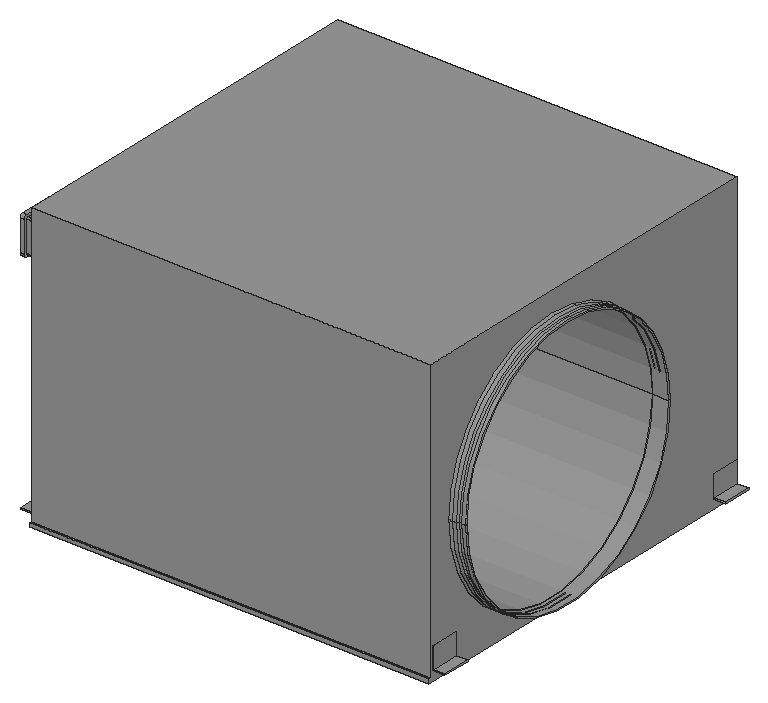
Revit family "IRE 630 B3 ErP AC_", category Mechanical Equipment, Revit 2014
Parameters (values of type "IRE 630 B3 ErP AC")
  Wiring diagram = "Y 4040004 / Δ 4040003"
  Width = 1067 mm
  Weight = 115.00 kg
  Voltage range = "380-415 V"
  Voltage = 400 V
  Speed = "680 rpm"
  Sound pressure level at 3 m = "48 dB(A)"
  Power = 2183 W
  Phase = 3
  Max. temperature of transported air when speed controlled = 40 °C
  Max. temperature of transported air = 40 °C
  Main Material = Steel, Galvanized
  Height = 703 mm
  Frequency = 50 Hz
  Elevation [instance] = 2600 mm
  Diameter = 630 mm
  Description = "Insulated duct fans with circular connections"
  Depth = 955 mm
  Current = 4.8 A
  Capacitor = "- μF"
Reference planes
  plane 1 "Center (Front/Back)": y = 0
  plane 2: z = 0
  plane 3 "Center (Left/Right)": x = 0
  plane 4: z = 2600
Dimensions and locks
  "Elevation": plane 4 to plane 2
  aligned and locked: level to plane 2
  aligned and locked: nested 1 to plane 4
  aligned and locked: plane 3 "Center (Left/Right)" to nested 1
  aligned and locked: plane 1 "Center (Front/Back)" to nested 1
  aligned and locked: nested 1 to nested 2  (x2)
Nested families
  nested 1: "IRE" at (0, 0, 2600), type "IRE"
  nested 2: "Flow direction symbol" at (0, 0, 0), type "Flow direction symbol"
Connectors
  hvac at (-533.5, -101.5, 2937), driven by "Diameter"
    settings: on nested 1, index 1, duct flow 0.0 L/s, flow factor 0, pres drop 0.0 Pa, loss coef 0, conn angle 0.00°, conn width 304.8 mm, conn height 304.8 mm, conn diameter 630 mm, duct sys type 1, conn prof type 0, flow config 0, flow direction 1, loss method 0, conn ref index -1, conn util no, is conn primary yes, conn desc ""
  electrical at (-533.5, -408, 3219.5), driven by "Phase", driven by "Voltage", driven by "Power"
    settings: on nested 1, index 2, voltage 400 V, apparent load 0 VA, apparent load phase1 2183 VA, apparent load phase2 0 VA, apparent load phase3 0 VA, power factor 1, load classification "HVAC", number of poles 3, system type 31, power factor state 1, is connector primary yes, connector utility no, sub classification motor no, connector description ""
  hvac at (533.5, -101.5, 2937), driven by "Diameter"
    settings: on nested 1, index 3, duct flow 0.0 L/s, flow factor 0, pres drop 0.0 Pa, loss coef 0, conn angle 0.00°, conn width 304.8 mm, conn height 304.8 mm, conn diameter 630 mm, duct sys type 3, conn prof type 0, flow config 0, flow direction 2, loss method 0, conn ref index -1, conn util no, is conn primary no, conn desc ""
Definition of nested family "IRE"
  Parameters (values of type "IRE")
    Width = 1067 mm
    Main Material = Steel, Galvanized
    Height = 703 mm
    Description = ""
    Depth = 955 mm
  Reference planes
    plane 1 "Center (Front/Back)": y = 0
    plane 2: z = 0
    plane 3 "Center (Left/Right)": x = 0
    plane 4: z = 703
    plane 5 "Horizontal Pipe Axis": z = 337
    plane 6: z = 10
    plane 7: z = 693
    plane 8: x = -492
    plane 9: x = 492
    plane 10: x = -533.5
    plane 11: x = 533.5
    plane 12: y = 477.5
    plane 13: y = -477.5
    plane 14 "Vertical Pipe Axis": y = -101.5
    plane 15: x = -523.5
  Forms (mm)
    Extrusion 1, solid, material "Steel, Galvanized" <- "Main Material", detail levels medium+fine
      sketch origin (0, 0, 0) x (0, 1, 0) y (0, 0, 1)
        loop
          line (-477.5, 0) -> (477.5, 0) -> (477.5, 10) -> (472.5, 10) -> (472.5, 11) -> (472.5, 703) -> (-472.5, 703) -> (-472.5, 10) -> (-477.5, 10) -> (-477.5, 0)
      from -492 to 492
    Extrusion 2, void
      sketch origin (0, 0, 0) x (0, 1, 0) y (0, 0, 1)
        loop
          circle (-101.5, 337) r 312.5
      from -809.837 to 685.981
    Extrusion 3, solid, material "Steel, Galvanized" <- "Main Material", detail levels coarse
      sketch origin (0, 0, 0) x (0, 1, 0) y (0, 0, 1)
        loop
          circle (-101.5, 337) r 315
      from 492 to 533.5
    Extrusion 4, solid, material "Steel, Galvanized" <- "Main Material", detail levels coarse
      sketch origin (0, 0, 0) x (0, 1, 0) y (0, 0, -1)
        loop
          circle (-101.5, -337) r 315
      from 492 to 533.5
    Revolve 5, solid, material "Steel, Galvanized" <- "Main Material", detail levels medium+fine
      sketch origin (0, 0, 337) x (-1, 0, 0) y (0, -1, 0)
        loop
          line (533.5, 101.5) -> (492, 101.5) -> (492, -214.125)
          arc (492, -214.125) -> (496.25, -216.125) -> (500.5, -214.125) r 5.516
          line (500.5, -214.125) -> (512.875, -214.125) -> (515.5, -211.5) -> (525.5, -211.5) -> (525.5, -213.5) -> (533.5, -213.5) -> (533.5, 101.5)
        axis (492, 101.5) -> (533.5, 101.5)
      angle from 0 to 360
    Extrusion 6, solid, material "Steel, Galvanized" <- "Main Material", detail levels coarse
      sketch origin (0, 0, 0) x (0, 1, 0) y (0, 0, 1)
        loop
          line (477.5, 703) -> (-477.5, 703) -> (-477.5, 0) -> (477.5, 0) -> (477.5, 703)
      from -492 to 492
    Sweep 7, solid, material "Plastic, Opaque White", detail levels medium+fine
      path origin (0, 0, 0) x (1, 0, 0) y (0, 1, 0)
        loop
          line (-523.5, 467.5) -> (-533.5, 467.5)
      profile origin (-528.5, 467.5, 0) x (0, -1, 0) y (0, 0, 1)
        loop
          arc (837.073, 666) -> (831.365, 663.635) -> (829, 657.927) r 8.073
          line (829, 657.927) -> (829, 581.073)
          arc (829, 581.073) -> (831.365, 575.365) -> (837.073, 573) r 8.073
          line (837.073, 573) -> (913.927, 573)
          arc (913.927, 573) -> (919.635, 575.365) -> (922, 581.073) r 8.073
          line (922, 581.073) -> (922, 657.927)
          arc (922, 657.927) -> (919.635, 663.635) -> (913.927, 666) r 8.073
          line (913.927, 666) -> (837.073, 666)
    Sweep 8, solid, material "Plastic, Opaque White", detail levels medium+fine
      path origin (0, 0, 0) x (1, 0, 0) y (0, 1, 0)
        loop
          line (-523.5, 426) -> (-492, 426)
      profile origin (-507.75, 426, 0) x (0, 1, 0) y (0, 0, 1)
        loop
          line (-795.573, 661) -> (-872.427, 661)
          arc (-872.427, 661) -> (-874.6, 660.1) -> (-875.5, 657.927) r 3.073
          line (-875.5, 657.927) -> (-875.5, 581.073)
          arc (-875.5, 581.073) -> (-874.6, 578.9) -> (-872.427, 578) r 3.073
          line (-872.427, 578) -> (-795.573, 578)
          arc (-795.573, 578) -> (-793.4, 578.9) -> (-792.5, 581.073) r 3.073
          line (-792.5, 581.073) -> (-792.5, 657.927)
          arc (-792.5, 657.927) -> (-793.4, 660.1) -> (-795.573, 661) r 3.073
    Revolve 9, solid, material "Steel, Galvanized" <- "Main Material", detail levels medium+fine
      sketch origin (0, 0, 337) x (1, 0, 0) y (0, -1, 0)
        loop
          line (533.5, 101.5) -> (492, 101.5) -> (492, -214.125)
          arc (492, -214.125) -> (496.25, -216.125) -> (500.5, -214.125) r 5.516
          line (500.5, -214.125) -> (512.875, -214.125) -> (515.5, -211.5) -> (525.5, -211.5) -> (525.5, -213.5) -> (533.5, -213.5) -> (533.5, 101.5)
        axis (492, 101.5) -> (533.5, 101.5)
      angle from 0 to 360
    Sweep 10, solid, material "Steel, Galvanized" <- "Main Material", detail levels medium+fine
      path origin (-492, 466.36, 1200) x (0, 1, 0) y (0, 0, 1)
        loop
          line (1.14, -1190) -> (-68.86, -1190)
      profile origin (-492, 432.5, 10) x (0, 0, -1) y (1, 0, 0)
        loop
          line (-15, -31.5) -> (-15, 0) -> (-70, 0) -> (-70, -3) -> (-18, -3) -> (-18, -31.5) -> (-15, -31.5)
    Sweep 11, solid, material "Steel, Galvanized" <- "Main Material", detail levels medium+fine
      path origin (-492, -466.36, 1200) x (0, -1, 0) y (0, 0, -1)
        loop
          line (1.14, 1190) -> (-68.86, 1190)
      profile origin (-492, -432.5, 10) x (0, 0, 1) y (1, 0, 0)
        loop
          line (15, -31.5) -> (18, -31.5) -> (18, -3) -> (70, -3) -> (70, 0) -> (15, 0) -> (15, -31.5)
    Sweep 12, solid, material "Steel, Galvanized" <- "Main Material", detail levels medium+fine
      path origin (492, 466.36, 1200) x (0, 1, 0) y (0, 0, 1)
        loop
          line (1.14, -1190) -> (-68.86, -1190)
      profile origin (492, 432.5, 10) x (0, 0, 1) y (-1, 0, 0)
        loop
          line (15, -31.5) -> (18, -31.5) -> (18, -3) -> (70, -3) -> (70, 0) -> (15, 0) -> (15, -31.5)
    Sweep 13, solid, material "Steel, Galvanized" <- "Main Material", detail levels medium+fine
      path origin (492, 466.36, 1200) x (0, 1, 0) y (0, 0, 1)
        loop
          line (-933.86, -1190) -> (-863.86, -1190)
      profile origin (492, -432.5, 10) x (0, 0, -1) y (-1, 0, 0)
        loop
          line (-15, -31.5) -> (-15, 0) -> (-70, 0) -> (-70, -3) -> (-18, -3) -> (-18, -31.5) -> (-15, -31.5)
  Cuts and joins
    Extrusion 2 cuts Extrusion 1
    joined: Sweep 7, Sweep 8
    Extrusion 2 cuts Revolve 5
    Extrusion 2 cuts Revolve 9
  Dimensions and locks
    equal spacing: plane 10, plane 3 "Center (Left/Right)", plane 11
    "Width": plane 10 to plane 11
    "Height": plane 4 to level
    locked: plane 4 to plane 7 at 10
    locked: plane 10 to plane 15 at 10
    locked: plane 10 to plane 8 at 41.5
    locked: plane 9 to plane 11 at 41.5
    "Depth": plane 13 to plane 12
    locked: plane 14 "Vertical Pipe Axis" to Revolve 5 sketch curve at 315
    locked: plane 14 "Vertical Pipe Axis" to Revolve 5 sketch curve at 313
    plane 14 "Vertical Pipe Axis" to Revolve 5 sketch curve = 315.625 mm
    locked: Revolve 9 sketch curve to plane 14 "Vertical Pipe Axis" at 315.625
    locked: Revolve 9 sketch curve to plane 14 "Vertical Pipe Axis" at 313
    locked: Revolve 9 sketch curve to plane 14 "Vertical Pipe Axis" at 315
    plane 12 to Sweep 10 sketch curve to Sweep 10 sketch curve = 10 mm locked, 70 mm locked
    equal spacing: plane 13, plane 1 "Center (Front/Back)", plane 12
    locked: Sweep 11 sketch curve to Sweep 11 sketch curve at 70
    locked: Sweep 11 sketch curve to plane 13 at 10
    locked: Sweep 12 sketch curve to Sweep 12 sketch curve at 70
    locked: Sweep 13 sketch curve to Sweep 13 sketch curve at 70
    locked: Sweep 13 sketch curve to plane 13 at 10
    locked: plane 12 to Sweep 12 sketch curve at 10
    plane 13 to plane 14 "Vertical Pipe Axis" = 376 mm
    plane 4 to plane 5 "Horizontal Pipe Axis" = 366 mm
    aligned and locked: level to plane 2
    aligned and locked: Extrusion 1 sketch curve to plane 13
    aligned and locked: plane 2 to Extrusion 1 sketch curve
    aligned and locked: Extrusion 1 sketch curve to plane 12
    aligned and locked: Extrusion 1 to plane 9
    aligned and locked: Extrusion 1 to plane 8
    aligned and locked: Extrusion 3 to plane 11
    aligned and locked: plane 9 to Extrusion 3
    aligned and locked: Extrusion 4 to plane 10
    aligned and locked: plane 8 to Extrusion 4
    aligned and locked: Extrusion 4 to plane 8
    aligned and locked: plane 4 to Extrusion 6 sketch curve
    aligned and locked: plane 12 to Extrusion 6 sketch curve
    aligned and locked: Extrusion 6 sketch curve to cut or joined group of Extrusion 1, Extrusion 2  (x2)
    aligned and locked: Extrusion 6 to plane 8
    aligned and locked: Extrusion 6 to plane 9
    aligned and locked: plane 10 to Sweep 7 sketch curve
    aligned and locked: plane 15 to Sweep 7 sketch curve
    aligned and locked: plane 8 to Sweep 8 sketch curve
    aligned and locked: plane 15 to Sweep 8 sketch curve
    aligned and locked: Revolve 5 sketch curve to plane 14 "Vertical Pipe Axis"  (x2)
    aligned and locked: plane 9 to Revolve 9 sketch curve
    aligned and locked: Revolve 9 sketch curve to plane 11
    aligned and locked: plane 14 "Vertical Pipe Axis" to Revolve 9 sketch curve  (x2)
    aligned and locked: plane 6 to Sweep 11 sketch curve
    aligned and locked: plane 6 to Sweep 13 sketch curve
    aligned and locked: Sweep 12 sketch curve to plane 6
  Automatic sketch dimensions
    Extrusion 1 sketch curve to plane 4 = 0 mm
    Extrusion 1 sketch curve to plane 6 = 0 mm  (x2)
    Extrusion 1 sketch curve to plane 13 = 5 mm
    Extrusion 1 sketch curve to plane 12 = 5 mm
    plane 6 to Extrusion 1 sketch curve = 1 mm
    Extrusion 2 sketch curve to plane 5 "Horizontal Pipe Axis" = 0 mm
    Extrusion 2 sketch curve to plane 14 "Vertical Pipe Axis" = 0 mm
    Extrusion 3 sketch curve to plane 5 "Horizontal Pipe Axis" = 0 mm
    Extrusion 3 sketch curve to plane 14 "Vertical Pipe Axis" = 0 mm
    Extrusion 4 sketch curve to plane 5 "Horizontal Pipe Axis" = 0 mm
    Extrusion 4 sketch curve to plane 14 "Vertical Pipe Axis" = 0 mm
    Revolve 5 sketch curve to plane 8 = 0 mm  (x2)
    Revolve 5 sketch curve to plane 10 = 0 mm
    Revolve 5 sketch curve to plane 8 = 4.25 mm
    Revolve 5 sketch curve to Revolve 5 sketch curve = 4.25 mm
    plane 15 to Revolve 5 sketch curve = 10.625 mm
    Revolve 5 sketch curve to Revolve 5 sketch curve = 2.625 mm
    Revolve 5 sketch curve to plane 15 = 2 mm
    Revolve 5 sketch curve to Revolve 5 sketch curve = 3.515 mm
    Revolve 5 sketch curve to Revolve 5 sketch curve = 93.5 mm
    Sweep 7 sketch curve to plane 12 = 10 mm
    Sweep 7 sketch curve to profile plane = 829 mm
    Sweep 7 sketch curve to Sweep 7 sketch curve = 8.073 mm  (x3)
    Sweep 7 sketch curve to Sweep 7 sketch curve = 76.854 mm  (x3)
    level to Sweep 7 sketch curve = 573 mm
    Sweep 8 sketch curve to plane 12 = 51.5 mm
    profile plane to Sweep 8 sketch curve = 875.5 mm
    Sweep 8 sketch curve to Sweep 8 sketch curve = 3.073 mm  (x3)
    Sweep 8 sketch curve to Sweep 8 sketch curve = 76.854 mm  (x2)
    Sweep 8 sketch curve to Sweep 8 sketch curve = 0 mm
    level to Sweep 8 sketch curve = 578 mm
    Revolve 9 sketch curve to plane 9 = 0 mm
    plane 9 to Revolve 9 sketch curve = 4.25 mm
    Revolve 9 sketch curve to Revolve 9 sketch curve = 4.25 mm
    Revolve 9 sketch curve to Revolve 9 sketch curve = 12.375 mm
    Revolve 9 sketch curve to Revolve 9 sketch curve = 2.625 mm
    Revolve 9 sketch curve to Revolve 9 sketch curve = 8 mm
    Revolve 9 sketch curve to Revolve 9 sketch curve = 3.515 mm
    plane 11 to Revolve 9 sketch curve = 93.5 mm
    Sweep 10 sketch curve to plane 6 = 0 mm
    Sweep 10 sketch curve to plane 8 = 0 mm
    profile plane to Sweep 10 sketch curve = 70 mm
    Sweep 10 sketch curve to plane 8 = 3 mm
    profile plane to Sweep 10 sketch curve = 18 mm
    Sweep 10 sketch curve to Sweep 10 sketch curve = 3 mm
    Sweep 10 sketch curve to Sweep 10 sketch curve = 28.5 mm
    Sweep 11 sketch curve to plane 8 = 0 mm
    Sweep 11 sketch curve to profile plane = 15 mm
    Sweep 11 sketch curve to Sweep 11 sketch curve = 3 mm
    Sweep 11 sketch curve to Sweep 11 sketch curve = 52 mm
    Sweep 11 sketch curve to plane 8 = 3 mm
    Sweep 11 sketch curve to Sweep 11 sketch curve = 28.5 mm
    profile plane to Sweep 12 sketch curve = 0 mm
    Sweep 12 sketch curve to profile plane = 15 mm
    Sweep 12 sketch curve to Sweep 12 sketch curve = 3 mm  (x2)
    Sweep 12 sketch curve to Sweep 12 sketch curve = 52 mm
    Sweep 12 sketch curve to Sweep 12 sketch curve = 28.5 mm
    profile plane to Sweep 13 sketch curve = 0 mm
    profile plane to Sweep 13 sketch curve = 70 mm
    Sweep 13 sketch curve to profile plane = 3 mm
    profile plane to Sweep 13 sketch curve = 18 mm
    Sweep 13 sketch curve to Sweep 13 sketch curve = 3 mm
    Sweep 13 sketch curve to Sweep 13 sketch curve = 28.5 mm
    radius of Extrusion 2 sketch curve = 312.5 mm
    radius of Extrusion 3 sketch curve = 315 mm
    radius of Extrusion 4 sketch curve = 315 mm
Definition of nested family "Flow direction symbol"
  Parameters (values of type "Flow direction symbol")
    Warning = "!"
    Text = "DIMENSIONS OVERCONSTRAINT"
  Reference planes
    plane 1: y = 0
    plane 2: x = 0
  Lines and regions (mm)
    detail lines
      curve 1: line (-0.506, 0.877, 0) -> (-0.506, -0.877, 0)
      curve 2: line (1.012, 0, 0) -> (-0.506, -0.877, 0)
      curve 3: line (-0.506, 0.877, 0) -> (1.012, 0, 0)
      curve 4: circle (0, 0, 0) r 1 normal (0, 0, 1)
